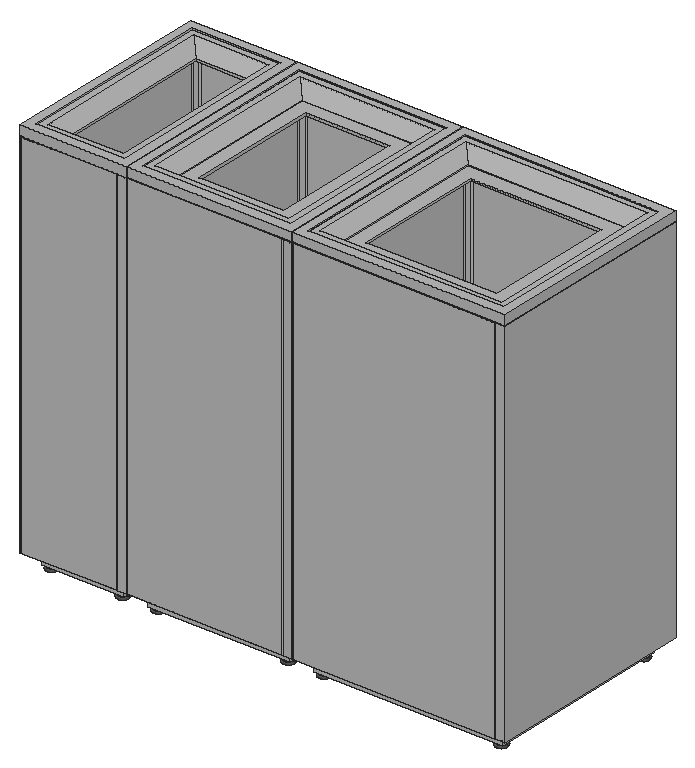
Revit family "REVIT-MG-1063-Valuta-", category Furniture, Revit 2016 (continued)
Definition of nested family "Magnuson-Valuta_1809L"
  Dimensions and locks (in)
    aligned and locked: plane 7 to Sweep 4 sketch curve
    aligned and locked: Sweep 4 sketch curve to plane 4
    aligned and locked: plane 3 "Center (Left/Right)" to nested 1
    aligned and locked: plane 15 to Revolve 5 sketch curve
    aligned and locked: Revolve 5 sketch curve to plane 15
    aligned and locked: Revolve 8 sketch curve to plane 16
    aligned and locked: plane 16 to Revolve 8 sketch curve
    aligned and locked: plane 15 to Revolve 11 sketch curve
    aligned and locked: Revolve 11 sketch curve to plane 15
    aligned and locked: Revolve 12 sketch curve to plane 16
    aligned and locked: plane 16 to Revolve 12 sketch curve
    aligned and locked: curve 1 to Sweep 4
    aligned and locked: curve 2 to Sweep 4
    aligned and locked: curve 3 to Sweep 4
    aligned and locked: curve 4 to Sweep 4
    aligned and locked: curve 5 to Sweep 4
    aligned and locked: curve 6 to Sweep 4
    aligned and locked: curve 7 to Sweep 4
    aligned and locked: curve 8 to Sweep 4
    aligned and locked: curve 9 to Sweep 4
    aligned and locked: curve 10 to Sweep 4
    aligned and locked: curve 11 to Sweep 4
    aligned and locked: curve 12 to Sweep 4
    aligned and locked: curve 13 to Sweep 4
    aligned and locked: curve 14 to Sweep 4
    aligned and locked: curve 15 to Sweep 4
    aligned and locked: curve 16 to Sweep 4
    aligned and locked: curve 17 to Sweep 4
    aligned and locked: curve 18 to Sweep 4
    aligned and locked: plane 15 to curve 19
    aligned and locked: plane 13 to curve 19
    aligned and locked: plane 16 to curve 20
    aligned and locked: plane 13 to curve 20
    aligned and locked: plane 14 to curve 21
    aligned and locked: plane 15 to curve 21
    aligned and locked: plane 16 to curve 22
    aligned and locked: plane 14 to curve 22
    aligned and locked: plane 17 to Sweep 4 sketch curve
    aligned and locked: Extrusion 1 to plane 17
    aligned and locked: Sweep 2 sketch curve to plane 10
    aligned and locked: plane 3 "Center (Left/Right)" to nested 2
    aligned and locked: plane 8 to nested 2
    aligned and locked: plane 5 to nested 2
    aligned and locked: plane 3 "Center (Left/Right)" to Extrusion 14 sketch curve
    aligned and locked: Extrusion 14 to plane 8
    aligned and locked: curve 31 to Extrusion 14
    aligned and locked: curve 32 to Extrusion 14
    aligned and locked: curve 33 to Extrusion 1
    aligned and locked: curve 34 to Extrusion 1
  Automatic sketch dimensions
    Extrusion 1 sketch curve to plane 4 = 0"
    plane 5 to Extrusion 1 sketch curve = 0"
    Extrusion 1 sketch curve to plane 6 = 0.035"
    Extrusion 1 sketch curve to Extrusion 1 sketch curve = 0.04443"
    Extrusion 1 sketch curve to Extrusion 1 sketch curve = 0.02452"
    Sweep 2 sketch curve to plane 15 = 1/2"
    Sweep 2 sketch curve to plane 16 = 1/2"
    plane 14 to Sweep 2 sketch curve = 1/2"
    plane 13 to Sweep 2 sketch curve = 1/2"
    profile plane to Sweep 2 sketch curve = 1"
    Revolve 5 sketch curve to level = 0"
    level to Revolve 5 sketch curve = 0.08"
    plane 9 to Revolve 5 sketch curve = 0.275"
    Revolve 5 sketch curve to Revolve 5 sketch curve = 0.81571"
    plane 11 to Revolve 5 sketch curve = 0.99907"
    Revolve 8 sketch curve to level = 0"
    level to Revolve 8 sketch curve = 0.08"
    plane 9 to Revolve 8 sketch curve = 0.275"
    Revolve 8 sketch curve to Revolve 8 sketch curve = 0.81571"
    plane 11 to Revolve 8 sketch curve = 0.99907"
    Revolve 11 sketch curve to level = 0"
    Revolve 11 sketch curve to Revolve 11 sketch curve = 0.08"
    Revolve 11 sketch curve to plane 9 = 0.275"
    level to Revolve 11 sketch curve = 0.81571"
    Revolve 11 sketch curve to plane 11 = 0.99907"
    Revolve 12 sketch curve to level = 0"
    Revolve 12 sketch curve to Revolve 12 sketch curve = 0.08"
    Revolve 12 sketch curve to plane 9 = 0.275"
    level to Revolve 12 sketch curve = 0.81571"
    Revolve 12 sketch curve to plane 11 = 0.99907"
    profile plane to Sweep 4 sketch curve = 0"
    Sweep 4 sketch curve to profile plane = 3/4"
    Sweep 4 sketch curve to Sweep 4 sketch curve = 0.55862"
    Sweep 4 sketch curve to Sweep 4 sketch curve = 0.40965"
    Sweep 4 sketch curve to Sweep 4 sketch curve = 0.39209"
    Sweep 4 sketch curve to Sweep 4 sketch curve = 0.09326"
    Sweep 4 sketch curve to Sweep 4 sketch curve = 0.09065"
    Sweep 4 sketch curve to profile plane = 1/16"
    Sweep 4 sketch curve to Sweep 4 sketch curve = 1/16"
    curve 9 to plane 14 = 0.56544"
    curve 12 to curve 12 = 0.29638"
    radius of Extrusion 14 sketch curve = 1/4"
    radius of curve 19 = 0.50866"
    radius of curve 20 = 0.50866"
    radius of curve 21 = 0.50866"
    radius of curve 22 = 0.50866"
  Nested families (in)
    nested 1: "Laminate" at (0, 0, 0), Top Finish <- "Top Finish", Width <- "Width", Height <- "Height", Depth <- "Depth", Paper 45° <- "Paper 45°", Laminate <- "Laminate", Paper/Circle <- "Paper/Circle", Paper <- "Paper", Circle <- "Circle", Waste <- "Waste", Paper 45°/Circle <- "Paper/Circle 45°", Security <- "Security", Security 45° <- "Security 45°", type "Laminate"
      with Width Waste 15", Width Sec 45° 60", Width Sec 50", Width Paper 45° 40", Width Paper 30", Width Circle 0", Width 9", Waste no, W Wasted 11 1/16", Top Finish none, Security 45° no, Security no, Paper/Circle no, Paper 45°/Circle no, Paper 45° no, Paper no, P2 no, P1 no, Linea PC45° 20", Linea PC 30", Laminate yes, Height 33 3/4", Dist Waste 10", Dist Sec 45° 10", Dist Sec 10", Dist Paper 45° 10", Dist Paper 10", Dist Circle 30", Depth 18", D Wasted 11 1/16", Circle yes, C1 yes
    nested 2: "Sign Holder" at (0, 9, -6.69357), Support Finish <- "Support Finish", Sign Holder Acrylic <- "Sign Holder Acrylic", Sign Holder Magnetic <- "Sign Holder Magnetic", Acrylic Finish <- "Acrylic Finish", Magnetic Finish <- "Magnetic Finish", type "Sign Holder"
      with Support Finish none, Sign Holder Magnetic no, Sign Holder Acrylic no, Magnetic Finish none, Acrylic Finish none
  Definition of nested family "Laminate"
    Parameters (values of type "Laminate")
      Width Waste [instance] = if(Waste, 0", 15")  # 15"
      Width Sec 45° [instance] = if(Security 45°, 0", 60")  # 60"
      Width Sec [instance] = if(Security, 0", 50")  # 50"
      Width Paper 45° [instance] = if(or([Paper 45°/Circle], Paper 45°), 0", 40")  # 40"
      Width Paper [instance] = if(or([Paper/Circle], Paper), 0", 30")  # 30"
      Width Circle [instance] = if(or([Paper/Circle], [Paper 45°/Circle], Circle), 0", 25")  # 25"
      Width [instance] = 18"
      Waste [instance] = no
      W Wasted [instance] = if(and(Width = 14", Depth = 18"), 7 1/8", 11 1/16")  # 11 1/16"
      Top Finish [instance] = none
      Security 45° [instance] = no
      Security [instance] = no
      Paper 45°/Circle [instance] = no
      Paper 45° [instance] = no
      P2 [instance] = Paper  # no
      P1 [instance] = Paper 45°  # no
      Linea PC45° [instance] = if([Paper 45°/Circle], 0", 20")  # 20"
      Linea PC [instance] = if([Paper/Circle], 0", 30")  # 30"
      Laminate [instance] = no
      URL = ""
      Type Comments = ""
      Paper/Circle [instance] = no
      Paper [instance] = no
      Model = ""
      Manufacturer = ""
      Keynote = ""
      Height [instance] = 26 1/8"
      Dist Waste [instance] = if(Waste, 30", 10")  # 10"
      Dist Sec 45° [instance] = if(Security 45°, 30", 10")  # 10"
      Dist Sec [instance] = if(Security, 30", 10")  # 10"
      Dist Paper [instance] = if(or([Paper/Circle], Paper), 30", 10")  # 10"
      Dist Paper 45° [instance] = if(or([Paper 45°/Circle], Paper 45°), 30", 10")  # 10"
      Dist Circle [instance] = if(or([Paper/Circle], [Paper 45°/Circle], Circle), 30", 10")  # 10"
      Description = ""
      Depth [instance] = 18"
      D Wasted [instance] = if(and(Width = 14", Depth = 18"), 11 1/4", 11 1/16")  # 11 1/16"
      Cost = 0  # constant formula
      Circle [instance] = no
      C1 [instance] = and(Circle)  # no
      Assembly Code = ""
    Reference planes (in)
      plane 1 "Center (Front/Back)": y = 0
      plane 2: z = 0
      plane 3 "Center (Left/Right)": x = 0
      plane 4: y = -9
      plane 5: y = 9
      plane 6: x = -9
      plane 7: x = 9
      plane 8: z = 26.125
      plane 9: z = 3
      plane 10: x = 40
      plane 11: x = 30
      plane 12: x = 25
      plane 13: x = 15
      plane 14: x = -20
      plane 15: x = -30
      plane 16: x = 50
      plane 17: x = 60
    Forms (in)
      Extrusion 1, solid, material <- "Top Finish", visible <- "Laminate"
        sketch origin (0, 0, 0) x (1, 0, 0) y (0, 1, 0)
          loop
            line (-6.79638, 6.79638) -> (-6.79638, -6.79638) -> (6.79638, -6.79638) -> (6.79638, 6.79638) -> (-6.79638, 6.79638)
        from 24.76772 to 24.96772
      Extrusion 2, void
        sketch origin (0, 0, 0) x (1, 0, 0) y (0, 1, 0)
          loop
            circle (25, 0) r 2.125
        from 3 to 13
      Extrusion 3, void
        sketch origin (-27, 0, 0) x (1, 0, 0) y (0, 1, 0)
          loop
            line (61.67368, 3.91211) -> (70.91211, -5.32632) -> (72.52427, -5.52427) -> (72.32632, -3.91211) -> (63.08789, 5.32632) -> (61.47573, 5.52427) -> (61.67368, 3.91211)
        from 3 to 13
      Extrusion 4, void
        sketch origin (35, 0, 0) x (1, 0, 0) y (0, 1, 0)
          loop
            line (-6, 5.5) -> (-6, -5.5) -> (-4, -5.5) -> (-4, 5.5) -> (-6, 5.5)
        from 3 to 13
      Extrusion 5, void
        sketch origin (26, 0, 0) x (1, 0, 0) y (0, 1, 0)
          loop
            line (-16.53125, 5.53125) -> (-16.53125, -5.53125) -> (-5.46875, -5.53125) -> (-5.46875, 5.53125) -> (-16.53125, 5.53125)
        from 3 to 13
      Extrusion 6, void
        sketch origin (0, 0, 0) x (1, 0, 0) y (0, 1, 0)
          loop
            line (49.75, 5.5) -> (49.75, -5.5) -> (50.25, -5.5) -> (50.25, 5.5) -> (49.75, 5.5)
        from 3 to 13
      Extrusion 7, void
        sketch origin (0, 0, 0) x (1, 0, 0) y (0, 1, 0)
          loop
            line (54.86697, 4.77658) -> (64.7663, -5.12275) -> (65.13305, -5.13374) -> (65.12207, -4.76699) -> (55.22342, 5.13303) -> (54.86697, 5.13303) -> (54.86697, 4.77658)
        from 3 to 13
    Cuts and joins
      Extrusion 2, Extrusion 3, Extrusion 4, Extrusion 5, Extrusion 6, Extrusion 7 cuts Extrusion 1
    Lines and regions (in)
      symbolic lines, visible <- "Laminate"
        curve 1: line (6.79638, 6.79638, 0) -> (-6.79638, 6.79638, 0)
        curve 2: line (-6.79638, 6.79638, 0) -> (-6.79638, -6.79638, 0)
        curve 3: line (-6.79638, -6.79638, 0) -> (6.79638, -6.79638, 0)
        curve 4: line (6.79638, -6.79638, 0) -> (6.79638, 6.79638, 0)
      symbolic lines, visible <- "Paper 45°/Circle"
        curve 5: line (-25.52427, 5.52427, 0) -> (-25.32632, 3.91211, 0)
        curve 6: line (-25.32632, 3.91211, 0) -> (-22.03293, 0.61872, 0)
        curve 7: line (-23.91211, 5.32632, 0) -> (-25.52427, 5.52427, 0)
        curve 8: line (-14.67368, -3.91211, 0) -> (-17.96707, -0.61872, 0)
        curve 9: arc (-22.03293, 0.61872, 0) -> (-21.5026, -1.5026, 0) -> (-19.38128, -2.03293, 0) r 2.125
        curve 10: arc (-17.96707, -0.61872, 0) -> (-18.4974, 1.5026, 0) -> (-20.61872, 2.03293, 0) r 2.125
        curve 11: line (-16.08789, -5.32632, 0) -> (-14.47573, -5.52427, 0)
        curve 12: line (-14.47573, -5.52427, 0) -> (-14.67368, -3.91211, 0)
        curve 13: line (-19.38128, -2.03293, 0) -> (-16.08789, -5.32632, 0)
        curve 14: line (-20.61872, 2.03293, 0) -> (-23.91211, 5.32632, 0)
      symbolic lines, visible <- "Paper/Circle"
        curve 15: line (-31, 1.875, 0) -> (-31, 5.5, 0)
        curve 16: line (-31, 5.5, 0) -> (-29, 5.5, 0)
        curve 17: line (-29, 5.5, 0) -> (-29, 1.875, 0)
        curve 18: line (-29, -1.875, 0) -> (-29, -5.5, 0)
        curve 19: line (-29, -5.5, 0) -> (-31, -5.5, 0)
        curve 20: line (-31, -5.5, 0) -> (-31, -1.875, 0)
        curve 21: arc (-29, 1.875, 0) -> (-27.875, 0, 0) -> (-29, -1.875, 0) r 2.125
        curve 22: arc (-31, 1.875, 0) -> (-32.125, 0, 0) -> (-31, -1.875, 0) r 2.125
      symbolic lines, visible <- "C1"
        curve 23: arc (27.125, 0, 0) -> (25, 2.125, 0) -> (22.875, 0, 0) r 2.125
        curve 24: arc (22.875, 0, 0) -> (25, -2.125, 0) -> (27.125, 0, 0) r 2.125
      symbolic lines, visible <- "P2"
        curve 25: line (29, 5.5, 0) -> (29, -5.5, 0)
        curve 26: line (31, -5.5, 0) -> (31, 5.5, 0)
        curve 27: line (31, 5.5, 0) -> (29, 5.5, 0)
        curve 28: line (29, -5.5, 0) -> (31, -5.5, 0)
      symbolic lines, visible <- "P1"
        curve 29: line (34.67368, 3.91211, 0) -> (43.91211, -5.32632, 0)
        curve 30: line (43.91211, -5.32632, 0) -> (45.52427, -5.52427, 0)
        curve 31: line (45.52427, -5.52427, 0) -> (45.32632, -3.91211, 0)
        curve 32: line (45.32632, -3.91211, 0) -> (36.08789, 5.32632, 0)
        curve 33: line (36.08789, 5.32632, 0) -> (34.47573, 5.52427, 0)
        curve 34: line (34.47573, 5.52427, 0) -> (34.67368, 3.91211, 0)
      symbolic lines, visible <- "Waste"
        curve 35: line (20.53125, 5.53125, 0) -> (9.46875, 5.53125, 0)
        curve 36: line (9.46875, 5.53125, 0) -> (9.46875, -5.53125, 0)
        curve 37: line (20.53125, -5.53125, 0) -> (20.53125, 5.53125, 0)
        curve 38: line (9.46875, -5.53125, 0) -> (20.53125, -5.53125, 0)
      symbolic lines, visible <- "Security"
        curve 39: line (49.75, 5.5, 0) -> (49.75, -5.5, 0)
        curve 40: line (50.25, 5.5, 0) -> (49.75, 5.5, 0)
        curve 41: line (50.25, -5.5, 0) -> (50.25, 5.5, 0)
        curve 42: line (49.75, -5.5, 0) -> (50.25, -5.5, 0)
      symbolic lines, visible <- "Security 45°"
        curve 43: line (54.86697, 4.77658, 0) -> (64.7663, -5.12275, 0)
        curve 44: line (64.7663, -5.12275, 0) -> (65.13305, -5.13374, 0)
        curve 45: line (65.13305, -5.13374, 0) -> (65.12207, -4.76699, 0)
        curve 46: line (65.12207, -4.76699, 0) -> (55.22342, 5.13303, 0)
        curve 47: line (54.86697, 5.13303, 0) -> (54.86697, 4.77658, 0)
        curve 48: line (55.22342, 5.13303, 0) -> (54.86697, 5.13303, 0)
    Dimensions and locks (in)
      equal spacing: plane 5, plane 1 "Center (Front/Back)", plane 4
      "Depth": plane 5 to plane 4
      equal spacing: plane 6, plane 3 "Center (Left/Right)", plane 7
      "Width": plane 6 to plane 7
      "Height": plane 8 to plane 2
      plane 8 to Extrusion 1 to Extrusion 1 = 1.15728" locked, 0.2" locked
      locked: Extrusion 1 sketch curve to plane 5 at 2.20362
      locked: Extrusion 1 sketch curve to plane 7 at 2.20362
      locked: plane 6 to Extrusion 1 sketch curve at 2.20362
      locked: Extrusion 1 sketch curve to plane 4 at 2.20362
      plane 9 to level = 3"
      "Dist Circle": Extrusion 2 to plane 9
      "Dist Paper 45°": Extrusion 3 to plane 9
      "Dist Paper": Extrusion 4 to plane 9
      "Dist Waste": Extrusion 5 to plane 9
      Extrusion 3 sketch curve to Extrusion 3 sketch curve to Extrusion 3 sketch curve to plane 10 to Extrusion 3 sketch curve to Extrusion 3 sketch curve to Extrusion 3 sketch curve = 0.19795" locked, 1.41421" locked, 3.91211" locked, 3.91211" locked, 1.41421" locked, 0.19795" locked
      equal spacing: Extrusion 4 sketch curve, plane 1 "Center (Front/Back)", Extrusion 4 sketch curve, locked at 5.5 each
      equal spacing: Extrusion 4 sketch curve, plane 11, Extrusion 4 sketch curve, locked at 1 each
      "Width Paper": plane 3 "Center (Left/Right)" to plane 11
      "Width Circle": plane 3 "Center (Left/Right)" to plane 12
      equal spacing: Extrusion 5 sketch curve, plane 13, Extrusion 5 sketch curve
      "W Wasted": Extrusion 5 sketch curve to Extrusion 5 sketch curve
      equal spacing: Extrusion 5 sketch curve, plane 1 "Center (Front/Back)", Extrusion 5 sketch curve
      "D Wasted": Extrusion 5 sketch curve to Extrusion 5 sketch curve
      "Width Waste": plane 3 "Center (Left/Right)" to plane 13
      "Width Paper 45°": plane 3 "Center (Left/Right)" to plane 10
      curve 7 to curve 6 to curve 14 to curve 9 to curve 14 to plane 14 = 0.19795" locked, 1.41421" locked, 1.87918" locked, 1.41421" locked, 0.61872" locked
      plane 14 to curve 13 to curve 10 to curve 13 to curve 12 to curve 12 = 0.61872" locked, 1.41421" locked, 1.87918" locked, 1.41421" locked, 0.19795" locked
      "Linea PC45°": plane 14 to plane 3 "Center (Left/Right)"
      "Linea PC": plane 15 to plane 3 "Center (Left/Right)"
      equal spacing: curve 15, plane 15, curve 17
      equal spacing: curve 20, plane 15, curve 18
      equal spacing: Extrusion 6 sketch curve, plane 16, Extrusion 6 sketch curve, locked at 0.25 each
      Extrusion 6 sketch curve to plane 1 "Center (Front/Back)" to Extrusion 6 sketch curve = 5 1/2" locked, 5 1/2" locked
      "Dist Sec": Extrusion 6 to plane 9
      "Width Sec": plane 3 "Center (Left/Right)" to plane 16
      Extrusion 7 sketch curve to Extrusion 7 sketch curve to Extrusion 7 sketch curve to plane 17 to Extrusion 7 sketch curve to Extrusion 7 sketch curve to Extrusion 7 sketch curve = 0.01098" locked, 0.35576" locked, 4.7663" locked, 4.77658" locked, 0.35645" locked, 0" locked
      Extrusion 7 sketch curve to Extrusion 7 sketch curve to Extrusion 7 sketch curve to plane 1 "Center (Front/Back)" to Extrusion 7 sketch curve to Extrusion 7 sketch curve to Extrusion 7 sketch curve = 0.01098" locked, 0.35576" locked, 4.76699" locked, 4.77658" locked, 0.35645" locked, 0" locked
      "Dist Sec 45°": Extrusion 7 to plane 9
      "Width Sec 45°": plane 3 "Center (Left/Right)" to plane 17
      aligned and locked: level to plane 2
      aligned and locked: Extrusion 2 to plane 9
      aligned and locked: Extrusion 3 to plane 9
      aligned and locked: Extrusion 4 to plane 9
      aligned and locked: Extrusion 5 to plane 9
      aligned and locked: plane 12 to Extrusion 2 sketch curve
      aligned and locked: plane 1 "Center (Front/Back)" to Extrusion 2 sketch curve
      aligned and locked: curve 1 to cut or joined group of Extrusion 1, Extrusion 2, Extrusion 3, Extrusion 4, Extrusion 5, Extrusion 6, Extrusion 7
      aligned and locked: curve 2 to cut or joined group of Extrusion 1, Extrusion 2, Extrusion 3, Extrusion 4, Extrusion 5, Extrusion 6, Extrusion 7
      aligned and locked: curve 3 to cut or joined group of Extrusion 1, Extrusion 2, Extrusion 3, Extrusion 4, Extrusion 5, Extrusion 6, Extrusion 7
      aligned and locked: curve 4 to cut or joined group of Extrusion 1, Extrusion 2, Extrusion 3, Extrusion 4, Extrusion 5, Extrusion 6, Extrusion 7
      aligned and locked: plane 14 to curve 10
      aligned and locked: plane 1 "Center (Front/Back)" to curve 10
      aligned and locked: plane 14 to curve 9
      aligned and locked: plane 1 "Center (Front/Back)" to curve 9
      aligned and locked: plane 15 to curve 21
      aligned and locked: plane 1 "Center (Front/Back)" to curve 21
      aligned and locked: plane 15 to curve 22
      aligned and locked: plane 1 "Center (Front/Back)" to curve 22
      aligned and locked: curve 23 to Extrusion 2
      aligned and locked: curve 24 to Extrusion 2
      aligned and locked: curve 25 to Extrusion 4
      aligned and locked: curve 26 to Extrusion 4
      aligned and locked: curve 29 to Extrusion 3
      aligned and locked: curve 30 to Extrusion 3
      aligned and locked: curve 31 to Extrusion 3
      aligned and locked: curve 32 to Extrusion 3
      aligned and locked: curve 33 to Extrusion 3
      aligned and locked: curve 34 to Extrusion 3
      aligned and locked: curve 35 to Extrusion 5
      aligned and locked: curve 36 to Extrusion 5
      aligned and locked: curve 37 to Extrusion 5
      aligned and locked: curve 38 to Extrusion 5
      aligned and locked: curve 27 to Extrusion 4
      aligned and locked: curve 28 to Extrusion 4
      aligned and locked: Extrusion 6 to plane 9
      aligned and locked: curve 39 to Extrusion 6
      aligned and locked: curve 40 to Extrusion 6
      aligned and locked: curve 41 to Extrusion 6
      aligned and locked: curve 42 to Extrusion 6
      aligned and locked: Extrusion 7 to plane 9
      aligned and locked: curve 43 to Extrusion 7
      aligned and locked: curve 44 to Extrusion 7
      aligned and locked: curve 45 to Extrusion 7
      aligned and locked: curve 46 to Extrusion 7
      aligned and locked: curve 47 to Extrusion 7
      aligned and locked: curve 48 to Extrusion 7
    Automatic sketch dimensions
      plane 4 to Extrusion 3 sketch curve = 3.47573"
      Extrusion 3 sketch curve to Extrusion 3 sketch curve = 0.19795"  (x2)
      Extrusion 3 sketch curve to Extrusion 3 sketch curve = 1.61216"
      Extrusion 3 sketch curve to plane 1 "Center (Front/Back)" = 3.91211"
      Extrusion 3 sketch curve to Extrusion 3 sketch curve = 1.41421"
      plane 4 to Extrusion 4 sketch curve = 3 1/2"
      plane 11 to Extrusion 4 sketch curve = 1"
      plane 4 to curve 19 = 3 1/2"
      plane 4 to curve 12 = 3.47573"
      curve 11 to curve 11 = 0.19795"
      curve 11 to curve 8 = 1.61216"
      plane 1 "Center (Front/Back)" to curve 13 = 2.03293"
      plane 1 "Center (Front/Back)" to curve 18 = 1 7/8"
      plane 1 "Center (Front/Back)" to curve 20 = 1 7/8"
      plane 1 "Center (Front/Back)" to curve 8 = 0.61872"
      curve 6 to plane 1 "Center (Front/Back)" = 3.91211"
      curve 5 to curve 7 = 1.41421"
      curve 5 to curve 7 = 1.61216"
      plane 5 to curve 16 = 3 1/2"
      plane 15 to curve 15 = 1"
      plane 15 to curve 19 = 1"
      Extrusion 6 sketch curve to plane 16 = 1/4"
      radius of Extrusion 2 sketch curve = 2 1/8"
  Definition of nested family "Sign Holder"
    Parameters (values of type "Sign Holder")
      Support Finish [instance] = none
      Sign Holder Magnetic [instance] = yes
      Sign Holder Acrylic [instance] = yes
      Magnetic Finish [instance] = none
      Acrylic Finish [instance] = none
    Reference planes (in)
      plane 1 "Center (Front/Back)": y = 0
      plane 2: z = 0
      plane 3 "Center (Left/Right)": x = 0
      plane 4: x = -4.34375
      plane 5: x = 4.34375
      plane 6: y = 3.01425
      plane 7: z = 40.44357
      plane 8: z = 30.38104
      plane 9: z = 51.63018
    Forms (in)
      Extrusion 1, solid, material <- "Support Finish", visible <- "Sign Holder Acrylic"
        sketch origin (0, 0, 0) x (0, 1, 0) y (0, 0, 1)
          loop
            line (0, 30.38104) -> (0.11434, 30.38104) -> (0.11434, 40.41393) -> (3.01425, 51.60054) -> (2.8999, 51.63018) -> (0, 40.44357) -> (0, 30.38104)
        from -4.34375 to 4.34375
      Extrusion 2, solid, material <- "Acrylic Finish", visible <- "Sign Holder Acrylic"
        sketch origin (0, 0, 0) x (0, 1, 0) y (0, 0, 1)
          loop
            line (-0.07089, 40.484) -> (0.00535, 40.46423) -> (2.89111, 51.59628) -> (2.81487, 51.61604) -> (-0.07089, 40.484)
        from -4.31158 to 4.30579
      Extrusion 3, solid, material <- "Support Finish", visible <- "Sign Holder Magnetic"
        sketch origin (0, 0, 0) x (0, 1, 0) y (0, 0, 1)
          loop
            line (0, 30.38104) -> (0.11434, 30.38104) -> (0.11434, 40.41393) -> (3.01425, 51.60054) -> (2.8999, 51.63018) -> (0, 40.44357) -> (0, 30.38104)
        from -4.34375 to 4.34375
      Extrusion 4, solid, material <- "Magnetic Finish", visible <- "Sign Holder Magnetic"
        sketch origin (0, 0, 0) x (0, 1, 0) y (0, 0, 1)
          loop
            line (-0.02562, 40.47226) -> (0.00535, 40.46423) -> (2.89111, 51.59628) -> (2.86014, 51.60431) -> (-0.02562, 40.47226)
        from -4.31158 to 4.30579
    Lines and regions (in)
      symbolic lines, visible <- "Sign Holder Acrylic"
        curve 1: line (-4.31158, -0.07089, 0) -> (4.30579, -0.07089, 0)
        curve 2: line (-4.31158, 2.89111, 0) -> (-4.31158, -0.07089, 0)
        curve 3: line (4.30579, 2.89111, 0) -> (-4.31158, 2.89111, 0)
        curve 4: line (4.30579, -0.07089, 0) -> (4.30579, 2.89111, 0)
        curve 5: line (4.30579, 2.81487, 0) -> (-4.31158, 2.81487, 0)
        curve 6: line (-4.34375, 3.01425, 0) -> (4.34375, 3.01425, 0)
        curve 7: line (4.34375, 3.01425, 0) -> (4.34375, 0, 0)
        curve 8: line (4.34375, 0, 0) -> (4.30579, 0, 0)
        curve 9: line (-4.34375, 0, 0) -> (-4.34375, 3.01425, 0)
        curve 10: line (-4.34375, 0, 0) -> (-4.31158, 0, 0)
        curve 11: line (-4.34375, 2.8999, 0) -> (4.34375, 2.8999, 0)
      symbolic lines, visible <- "Sign Holder Magnetic"
        curve 12: line (-4.34375, 3.01425, 0) -> (4.34375, 3.01425, 0)
        curve 13: line (4.34375, 3.01425, 0) -> (4.34375, 0, 0)
        curve 14: line (4.34375, 0, 0) -> (4.30579, 0, 0)
        curve 15: line (-4.34375, 0, 0) -> (-4.34375, 3.01425, 0)
        curve 16: line (-4.34375, 0, 0) -> (-4.31158, 0, 0)
        curve 17: line (-4.34375, 2.8999, 0) -> (4.34375, 2.8999, 0)
        curve 18: line (4.30579, 2.86014, 0) -> (-4.31158, 2.86014, 0)
        curve 19: line (-4.31158, 2.89111, 0) -> (4.30579, 2.89111, 0)
        curve 20: line (-4.31158, 2.89111, 0) -> (-4.31158, -0.02562, 0)
        curve 21: line (4.30579, -0.02562, 0) -> (4.30579, 2.89111, 0)
        curve 22: line (-4.31158, -0.02562, 0) -> (4.30579, -0.02562, 0)
    Dimensions and locks (in)
      aligned and locked: plane 2 to level
      aligned and locked: Extrusion 1 to plane 4
      aligned and locked: Extrusion 1 to plane 5
      aligned and locked: curve 18 to Extrusion 4
      aligned and locked: curve 19 to Extrusion 4
      aligned and locked: curve 20 to Extrusion 4
      aligned and locked: curve 21 to Extrusion 4
      aligned and locked: curve 22 to Extrusion 4
Definition of nested family "Magnuson-Valuta_1818L"
  Parameters (values of type "VA1818L-Circle")
    Width = 18"
    Waste = no
    URL = "www.magnusongroup.com"
    Type Comments = "Valuta"  # constant formula
    Top Finish = none
    Top 2 = or(Security, Security 45°)  # no
    Top 1 = not(or(Security, Security 45°))  # yes
    Support Finish = none
    Sign Holder Magnetic [instance] = no
    Sign Holder Acrylic [instance] = no
    Security 45° = no
    Security = no
    Revit File Built By = "https://servex-us.com/servex-revit/"
    Paper/Circle 45° = no
    Paper/Circle = no
    Paper 45° = no
    Paper = no
    Model = "VA1818L-Circle"
    Manufacturer = "Magnuson Group"  # constant formula
    Magnetic Finish = none
    Lock Finish = none
    Laminate = yes
    Keynote = "12500"
    Height = 33 3/4"
    Glide Finish = none
    Dist Sec = if(or(Security, Security 45°), Width - 1", 1/32")  # 1/32"
    Description = "40 gallon body waste receptacle - circle opening - internal rigid liner."
    Depth = 18"
    Cost = 0  # constant formula
    Circle = yes
    Body Finish = none
    Base Finish = none
    Assembly Code = "E2020200"
    Acrylic Finish = none
  Types (5): name | Waste | Top 2 | Top 1 | Security 45° | Paper/Circle 45° | Paper 45° | Model | Dist Sec | Description | Circle
    VA1818L-Sec | no | yes | no | yes | no | no | "VA1818L-Sec" | 17" | "40 gallon body waste receptacle - internal rigid liner - locking top with 1/2\" wide opening." | no
    VA1818L-Circle | no | no | yes | no | no | no | "VA1818L-Circle" | 1/32" | "40 gallon body waste receptacle - circle opening - internal rigid liner." | yes
    VA1818L-Paper | no | no | yes | no | no | yes | "VA1818L-Paper" | 1/32" | "40 gallon body waste receptacle - paper opening - internal rigid liner." | no
    VA1818L-Paper-Circle | no | no | yes | no | yes | no | "VA1818L-Paper-Circle" | 1/32" | "40 gallon body waste receptacle - paper/circle opening - internal rigid liner." | no
    VA1818L-Waste | yes | no | yes | no | no | no | "VA1818L-Waste" | 1/32" | "40 gallon body waste receptacle - waste opening - internal rigid liner." | no
  Reference planes (in)
    plane 1 "Center (Front/Back)": y = 0
    plane 2: z = 0
    plane 3 "Center (Left/Right)": x = 0
    plane 4: y = -9
    plane 5: y = 9
    plane 6: x = -9
    plane 7: x = 9
    plane 8: z = 33.75
    plane 9: z = 0.3467
    plane 10: z = 1.3652
    plane 11: z = 1.4252
    plane 12: z = 19
    plane 13: y = 7.5
    plane 14: y = -7.5
    plane 15: x = -7.5
    plane 16: x = 7.5
    plane 17: z = 32.86
  Forms (in)
    Extrusion 1, solid, material <- "Body Finish"
      sketch origin (0, 0, 0) x (1, 0, 0) y (0, 1, 0)
        loop
          line (-9, 9) -> (-9, -9) -> (8.15548, -9) -> (8.22548, -8.93) -> (8.64, -8.93) -> (8.64, -8.895) -> (8.21099, -8.895) -> (8.14099, -8.965) -> (-8.965, -8.965) -> (-8.965, 8.965) -> (-8.25, 8.965) -> (-8.25, 9) -> (-9, 9)
        loop
          line (9, -9) -> (9, 9) -> (-8.13557, 9) -> (-8.20557, 8.93) -> (-8.64, 8.93) -> (-8.64, 8.895) -> (-8.19107, 8.895) -> (-8.12107, 8.965) -> (8.965, 8.965) -> (8.965, -8.965) -> (8.25, -8.965) -> (8.25, -9) -> (9, -9)
      from 1.3652 to 32.86
    Sweep 2, solid, material <- "Base Finish"
      path origin (0, 0, 0) x (1, 0, 0) y (0, 1, 0)
        loop
          line (-8, 8) -> (-8, -8) -> (8, -8) -> (8, 8) -> (-8, 8)
      profile origin (0, 8, 0) x (0, 1, 0) y (0, 0, 1)
        loop
          line (0, 0.3467) -> (0, 1.3652) -> (-1, 1.3652) -> (-1, 0.3467) -> (0, 0.3467)
    Extrusion 3, solid, material <- "Body Finish"
      sketch origin (0, 0, 0) x (1, 0, 0) y (0, 1, 0)
        loop
          line (-8.965, 8.965) -> (-8.965, -8.965) -> (8.965, -8.965) -> (8.965, 8.965) -> (-8.965, 8.965)
      from 1.3652 to 1.4252
    Sweep 4, solid, material <- "Top Finish"
      path origin (0, 0, 24.76772) x (1, 0, 0) y (0, 1, 0)
        loop
          line (-9, 9) -> (-9, -9) -> (9, -9) -> (9, 9) -> (-9, 9)
      profile origin (-9, 0, 24.76772) x (1, 0, 0) y (0, 0, 1)
        loop
          line (2.20362, 7.825) -> (1.30862, 8.89163) -> (0.75, 8.89163) -> (0.75, 8.98228) -> (0, 8.98228) -> (0, 8.15478) -> (0.0625, 8.09228) -> (1.71827, 8.09228) -> (2.11036, 7.625) -> (2.20362, 7.625) -> (2.20362, 7.825)
    Revolve 5, solid, material <- "Glide Finish"
      sketch origin (-7.5, 7.5, 47.24409) x (-1, 0, 0) y (0, 0, 1)
        loop
          line (0, -46.62239) -> (-0.09, -46.62239) -> (-0.09, -47.08409) -> (-0.42983, -47.08409)
          arc (-0.42983, -47.08409) -> (-0.50983, -47.16409) -> (-0.42983, -47.24409) r 0.08
          line (-0.42983, -47.24409) -> (0, -47.24409) -> (0, -46.62239)
        axis (0, -47.24409) -> (0, -46.62239)
      angle from 0 to 360
    Extrusion 6, solid, material <- "Glide Finish"
      sketch origin (-0.175, 0.175, 0) x (1, 0, 0) y (0, 1, 0)
        loop
          line (-7.70347, 7.325) -> (-7.51423, 6.99724) -> (-7.13577, 6.99724) -> (-6.94653, 7.325) -> (-7.13577, 7.65276) -> (-7.51423, 7.65276) -> (-7.70347, 7.325)
      from 0.16 to 0.32
    Extrusion 7, solid, material <- "Glide Finish"
      sketch origin (14.825, 0.175, 0) x (1, 0, 0) y (0, 1, 0)
        loop
          line (-7.70347, 7.325) -> (-7.51423, 6.99724) -> (-7.13577, 6.99724) -> (-6.94653, 7.325) -> (-7.13577, 7.65276) -> (-7.51423, 7.65276) -> (-7.70347, 7.325)
      from 0.16 to 0.32
    Revolve 8, solid, material <- "Glide Finish"
      sketch origin (7.5, 7.5, 47.24409) x (-1, 0, 0) y (0, 0, 1)
        loop
          line (0, -46.62239) -> (-0.09, -46.62239) -> (-0.09, -47.08409) -> (-0.42983, -47.08409)
          arc (-0.42983, -47.08409) -> (-0.50983, -47.16409) -> (-0.42983, -47.24409) r 0.08
          line (-0.42983, -47.24409) -> (0, -47.24409) -> (0, -46.62239)
        axis (0, -47.24409) -> (0, -46.62239)
      angle from 0 to 360
    Extrusion 9, solid, material <- "Glide Finish"
      sketch origin (-0.175, -14.825, 0) x (1, 0, 0) y (0, 1, 0)
        loop
          line (-7.70347, 7.325) -> (-7.51423, 6.99724) -> (-7.13577, 6.99724) -> (-6.94653, 7.325) -> (-7.13577, 7.65276) -> (-7.51423, 7.65276) -> (-7.70347, 7.325)
      from 0.16 to 0.32
    Extrusion 10, solid, material <- "Glide Finish"
      sketch origin (14.825, -14.825, 0) x (1, 0, 0) y (0, 1, 0)
        loop
          line (-7.70347, 7.325) -> (-7.51423, 6.99724) -> (-7.13577, 6.99724) -> (-6.94653, 7.325) -> (-7.13577, 7.65276) -> (-7.51423, 7.65276) -> (-7.70347, 7.325)
      from 0.16 to 0.32
    Revolve 11, solid, material <- "Glide Finish"
      sketch origin (-7.5, -7.5, 47.24409) x (-1, 0, 0) y (0, 0, 1)
        loop
          line (0, -46.62239) -> (-0.09, -46.62239) -> (-0.09, -47.08409) -> (-0.42983, -47.08409)
          arc (-0.42983, -47.08409) -> (-0.50983, -47.16409) -> (-0.42983, -47.24409) r 0.08
          line (-0.42983, -47.24409) -> (0, -47.24409) -> (0, -46.62239)
        axis (0, -47.24409) -> (0, -46.62239)
      angle from 0 to 360
    Revolve 12, solid, material <- "Glide Finish"
      sketch origin (-7.5, -7.5, 47.24409) x (-1, 0, 0) y (0, 0, 1)
        loop
          line (-15, -46.62239) -> (-15.09, -46.62239) -> (-15.09, -47.08409) -> (-15.42983, -47.08409)
          arc (-15.42983, -47.08409) -> (-15.50983, -47.16409) -> (-15.42983, -47.24409) r 0.08
          line (-15.42983, -47.24409) -> (-15, -47.24409) -> (-15, -46.62239)
        axis (-15, -47.24409) -> (-15, -46.62239)
      angle from 0 to 360
    Extrusion 13, solid, material <- "Top Finish"
      sketch origin (0, 0, 0) x (0, 1, 0) y (0, 0, 1)
        loop
          line (-6.5, 32.49272) -> (-6.5, 32.59272) -> (-6.93456, 33.65935) -> (-7.73357, 33.65935) -> (-7.73357, 32.49272) -> (-6.5, 32.49272)
      from -8.5 to -8.46875
    Extrusion 14, solid, material <- "Lock Finish", visible <- "Top 2"
      sketch origin (0, 0, 0) x (1, 0, 0) y (0, 1, 0)
        loop
          circle (0, -7.59228) r 0.25
      from 33.75 to 33.8125
  Cuts and joins
    joined: Sweep 4, Extrusion 13
  Lines and regions (in)
    symbolic lines
      curve 1: line (9, 9, 0) -> (-9, 9, 0)
      curve 2: line (-9, -9, 0) -> (9, -9, 0)
      curve 3: line (8.25, 8.25, 0) -> (8.25, -8.25, 0)
      curve 4: line (8.25, -8.25, 0) -> (-8.25, -8.25, 0)
      curve 5: line (-8.25, -8.25, 0) -> (-8.25, 8.25, 0)
      curve 6: line (7.69138, 7.69138, 0) -> (-7.69138, 7.69138, 0)
      curve 7: line (-8.25, 8.25, 0) -> (8.25, 8.25, 0)
      curve 8: line (-7.69138, 7.69138, 0) -> (-7.69138, -6.93456, 0)
      curve 11: line (-6.79638, 6.79638, 0) -> (6.79638, 6.79638, 0)
      curve 13: line (6.79638, 6.79638, 0) -> (6.79638, -6.5, 0)
      curve 17: line (-7.69138, 7.69138, 0) -> (-6.79638, 6.79638, 0)
      curve 18: line (7.69138, 7.69138, 0) -> (6.79638, 6.79638, 0)
      curve 24: line (7.69138, -6.93456, 0) -> (7.69138, 7.69138, 0)
      curve 25: line (-6.79638, -6.5, 0) -> (-6.79638, 6.79638, 0)
      curve 33: line (-9, 9, 0) -> (-9, -9, 0)
      curve 34: line (9, -9, 0) -> (9, 9, 0)
    symbolic lines, visible <- "Top 1"
      curve 9: line (7.69138, -7.69138, 0) -> (7.69138, -6.93456, 0)
      curve 10: line (-7.69138, -7.69138, 0) -> (7.69138, -7.69138, 0)
      curve 12: line (-6.79638, -6.79638, 0) -> (-6.79638, -6.5, 0)
      curve 14: line (6.79638, -6.79638, 0) -> (-6.79638, -6.79638, 0)
      curve 15: line (7.69138, -7.69138, 0) -> (6.79638, -6.79638, 0)
      curve 16: line (-6.79638, -6.79638, 0) -> (-7.69138, -7.69138, 0)
      curve 23: line (-7.69138, -6.93456, 0) -> (-7.69138, -7.69138, 0)
      curve 26: line (6.79638, -6.5, 0) -> (6.79638, -6.79638, 0)
    symbolic lines, detail levels fine
      curve 19: circle (-7.5, 7.5, 0) r 0.50866 normal (0, 0, 1)
      curve 20: circle (7.5, 7.5, 0) r 0.50866 normal (0, 0, -1)
      curve 21: circle (-7.5, -7.5, 0) r 0.50866 normal (0, 0, -1)
      curve 22: circle (7.5, -7.5, 0) r 0.50866 normal (0, 0, 1)
    symbolic lines, visible <- "Top 2"
      curve 27: line (-7.69138, -6.93456, 0) -> (7.69138, -6.93456, 0)
      curve 28: line (6.79638, -6.5, 0) -> (7.69138, -6.93456, 0)
      curve 29: line (6.79638, -6.5, 0) -> (-6.79638, -6.5, 0)
      curve 30: line (-6.79638, -6.5, 0) -> (-7.69138, -6.93456, 0)
      curve 31: arc (0.25, -7.59228, 0) -> (0, -7.34228, 0) -> (-0.25, -7.59228, 0) r 0.25
      curve 32: arc (-0.25, -7.59228, 0) -> (0, -7.84228, 0) -> (0.25, -7.59228, 0) r 0.25
  Dimensions and locks (in)
    equal spacing: plane 5, plane 1 "Center (Front/Back)", plane 4
    "Depth": plane 5 to plane 4
    equal spacing: plane 6, plane 3 "Center (Left/Right)", plane 7
    "Width": plane 6 to plane 7
    "Height": plane 8 to plane 2
    locked: plane 12 to level at 19
    plane 6 to Extrusion 1 sketch curve to Extrusion 1 sketch curve to Extrusion 1 sketch curve to Extrusion 1 sketch curve to Extrusion 1 sketch curve = 0.36" locked, 0.43443" locked, 0.0145" locked, 0.0555" locked, 0.0145" locked
    plane 5 to Extrusion 1 sketch curve to Extrusion 1 sketch curve to Extrusion 1 sketch curve = 0.035" locked, 0.035" locked, 0.035" locked
    locked: Extrusion 1 sketch curve to plane 5 at 0.035
    locked: Extrusion 1 sketch curve to plane 7 at 0.035
    plane 4 to Extrusion 1 sketch curve to Extrusion 1 sketch curve to Extrusion 1 sketch curve to Extrusion 1 sketch curve = 0.035" locked, 0" locked, 0.035" locked, 0.035" locked
    plane 7 to Extrusion 1 sketch curve to Extrusion 1 sketch curve to Extrusion 1 sketch curve to Extrusion 1 sketch curve to Extrusion 1 sketch curve = 0.36" locked, 0.41452" locked, 0.0145" locked, 0.0555" locked, 0.0145" locked
    locked: plane 6 to plane 15 at 1.5
    locked: plane 16 to plane 7 at 1.5
    locked: plane 5 to plane 13 at 1.5
    locked: plane 4 to plane 14 at 1.5
    plane 15 to Revolve 5 sketch curve to Revolve 5 sketch curve = 0.09" locked, 87/256" locked
    Extrusion 6 sketch curve to Extrusion 6 sketch curve to Extrusion 6 sketch curve to plane 15 to Extrusion 6 sketch curve to Extrusion 6 sketch curve to Extrusion 6 sketch curve = 0.18923" locked, 0" locked, 0.18923" locked, 0.18923" locked, 0" locked, 0.18923" locked
    Extrusion 6 sketch curve to Extrusion 6 sketch curve to Extrusion 6 sketch curve to plane 13 to Extrusion 6 sketch curve = 0.32776" locked, 0" locked, 0" locked, 0.32776" locked
    plane 16 to Revolve 8 sketch curve to Revolve 8 sketch curve = 0.09" locked, 87/256" locked
    Extrusion 9 sketch curve to Extrusion 9 sketch curve to Extrusion 9 sketch curve to plane 15 to Extrusion 9 sketch curve to Extrusion 9 sketch curve to Extrusion 9 sketch curve = 0.18923" locked, 0" locked, 0.18923" locked, 0.18923" locked, 0" locked, 0.18923" locked
    Extrusion 9 sketch curve to Extrusion 9 sketch curve to Extrusion 9 sketch curve to plane 14 to Extrusion 9 sketch curve = 0.32776" locked, 0" locked, 0" locked, 0.32776" locked
    Extrusion 7 sketch curve to Extrusion 7 sketch curve to Extrusion 7 sketch curve to plane 13 to Extrusion 7 sketch curve = 0.32776" locked, 0" locked, 0" locked, 0.32776" locked
    Extrusion 7 sketch curve to Extrusion 7 sketch curve to Extrusion 7 sketch curve to plane 16 to Extrusion 7 sketch curve to Extrusion 7 sketch curve to Extrusion 7 sketch curve = 0.18923" locked, 0" locked, 0.18923" locked, 0.18923" locked, 0" locked, 0.18923" locked
    Extrusion 10 sketch curve to Extrusion 10 sketch curve to Extrusion 10 sketch curve to plane 14 to Extrusion 10 sketch curve = 0.32776" locked, 0" locked, 0" locked, 0.32776" locked
    Extrusion 10 sketch curve to Extrusion 10 sketch curve to Extrusion 10 sketch curve to plane 16 to Extrusion 10 sketch curve to Extrusion 10 sketch curve to Extrusion 10 sketch curve = 0.18923" locked, 0" locked, 0.18923" locked, 0.18923" locked, 0" locked, 0.18923" locked
    plane 15 to Revolve 11 sketch curve to Revolve 11 sketch curve = 0.09" locked, 87/256" locked
    plane 16 to Revolve 12 sketch curve to Revolve 12 sketch curve = 0.09" locked, 87/256" locked
    plane 8 to Sweep 4 sketch curve to Sweep 4 sketch curve to Sweep 4 sketch curve = 0.09065" locked, 1.06663" locked, 0.2" locked
    plane 11 to plane 10 to plane 9 to level = 0.06" locked, 1.0185" locked, 0.3467" locked
    locked: plane 8 to plane 17 at 0.89
    Extrusion 13 sketch curve to Extrusion 13 sketch curve to plane 14 to Extrusion 13 sketch curve = 0.43456" locked, 0.56544" locked, 0.23357" locked
    Extrusion 13 sketch curve to Extrusion 13 sketch curve to Extrusion 13 sketch curve to plane 8 = 0.1" locked, 1.06663" locked, 0.09065" locked
    locked: plane 6 to Extrusion 13 at 0.5
    "Dist Sec": Extrusion 13 to Extrusion 13
    locked: Extrusion 14 to plane 8 at 0.0625
    locked: Extrusion 14 sketch curve to plane 14 at 0.09228
    aligned and locked: level to plane 2
    aligned and locked: plane 5 to Extrusion 1 sketch curve
    aligned and locked: Extrusion 1 sketch curve to plane 6
    aligned and locked: plane 4 to Extrusion 1 sketch curve
    aligned and locked: Extrusion 1 sketch curve to plane 7
    aligned and locked: Extrusion 1 to plane 10
    aligned and locked: profile plane to Sweep 2 sketch curve
    aligned and locked: Extrusion 3 sketch curve to Extrusion 1  (x4)
    aligned and locked: Extrusion 3 to plane 10
    aligned and locked: plane 11 to Extrusion 3
    aligned and locked: Sweep 2 sketch curve to plane 9
    aligned and locked: Sweep 4 sketch curve to plane 5
    aligned and locked: plane 6 to Sweep 4 sketch curve
    aligned and locked: plane 7 to Sweep 4 sketch curve
    aligned and locked: Sweep 4 sketch curve to plane 4
    aligned and locked: plane 3 "Center (Left/Right)" to nested 1
    aligned and locked: plane 15 to Revolve 5 sketch curve
    aligned and locked: Revolve 5 sketch curve to plane 15
    aligned and locked: Revolve 8 sketch curve to plane 16
    aligned and locked: plane 16 to Revolve 8 sketch curve
    aligned and locked: plane 15 to Revolve 11 sketch curve
    aligned and locked: Revolve 11 sketch curve to plane 15
    aligned and locked: Revolve 12 sketch curve to plane 16
    aligned and locked: plane 16 to Revolve 12 sketch curve
    aligned and locked: curve 1 to Sweep 4
    aligned and locked: curve 2 to Sweep 4
    aligned and locked: curve 3 to Sweep 4
    aligned and locked: curve 4 to Sweep 4
    aligned and locked: curve 5 to Sweep 4
    aligned and locked: curve 6 to Sweep 4
    aligned and locked: curve 7 to Sweep 4
    aligned and locked: curve 8 to Sweep 4
    aligned and locked: curve 9 to Sweep 4
    aligned and locked: curve 10 to Sweep 4
    aligned and locked: curve 11 to Sweep 4
    aligned and locked: curve 12 to Sweep 4
    aligned and locked: curve 13 to Sweep 4
    aligned and locked: curve 14 to Sweep 4
    aligned and locked: curve 15 to Sweep 4
    aligned and locked: curve 16 to Sweep 4
    aligned and locked: curve 17 to Sweep 4
    aligned and locked: curve 18 to Sweep 4
    aligned and locked: plane 15 to curve 19
    aligned and locked: plane 13 to curve 19
    aligned and locked: plane 16 to curve 20
    aligned and locked: plane 13 to curve 20
    aligned and locked: plane 14 to curve 21
    aligned and locked: plane 15 to curve 21
    aligned and locked: plane 16 to curve 22
    aligned and locked: plane 14 to curve 22
    aligned and locked: plane 17 to Sweep 4 sketch curve
    aligned and locked: Extrusion 1 to plane 17
    aligned and locked: Sweep 2 sketch curve to plane 10
    aligned and locked: plane 3 "Center (Left/Right)" to nested 2
    aligned and locked: plane 8 to nested 2
    aligned and locked: plane 5 to nested 2
    aligned and locked: plane 3 "Center (Left/Right)" to Extrusion 14 sketch curve
    aligned and locked: Extrusion 14 to plane 8
    aligned and locked: curve 31 to Extrusion 14
    aligned and locked: curve 32 to Extrusion 14
    aligned and locked: curve 33 to Extrusion 1
    aligned and locked: curve 34 to Extrusion 1
  Automatic sketch dimensions
    Extrusion 1 sketch curve to plane 4 = 0"
    plane 5 to Extrusion 1 sketch curve = 0"
    Extrusion 1 sketch curve to plane 6 = 0.035"
    Extrusion 1 sketch curve to Extrusion 1 sketch curve = 0.04443"
    Extrusion 1 sketch curve to Extrusion 1 sketch curve = 0.02452"
    Sweep 2 sketch curve to plane 15 = 1/2"
    Sweep 2 sketch curve to plane 16 = 1/2"
    plane 14 to Sweep 2 sketch curve = 1/2"
    plane 13 to Sweep 2 sketch curve = 1/2"
    profile plane to Sweep 2 sketch curve = 1"
    Revolve 5 sketch curve to level = 0"
    level to Revolve 5 sketch curve = 0.08"
    plane 9 to Revolve 5 sketch curve = 0.275"
    Revolve 5 sketch curve to Revolve 5 sketch curve = 0.81571"
    plane 11 to Revolve 5 sketch curve = 0.99907"
    Revolve 8 sketch curve to level = 0"
    level to Revolve 8 sketch curve = 0.08"
    plane 9 to Revolve 8 sketch curve = 0.275"
    Revolve 8 sketch curve to Revolve 8 sketch curve = 0.81571"
    plane 11 to Revolve 8 sketch curve = 0.99907"
    Revolve 11 sketch curve to level = 0"
    Revolve 11 sketch curve to Revolve 11 sketch curve = 0.08"
    Revolve 11 sketch curve to plane 9 = 0.275"
    level to Revolve 11 sketch curve = 0.81571"
    Revolve 11 sketch curve to plane 11 = 0.99907"
    Revolve 12 sketch curve to level = 0"
    Revolve 12 sketch curve to Revolve 12 sketch curve = 0.08"
    Revolve 12 sketch curve to plane 9 = 0.275"
    level to Revolve 12 sketch curve = 0.81571"
    Revolve 12 sketch curve to plane 11 = 0.99907"
    profile plane to Sweep 4 sketch curve = 0"
    Sweep 4 sketch curve to profile plane = 3/4"
    Sweep 4 sketch curve to Sweep 4 sketch curve = 0.55862"
    Sweep 4 sketch curve to Sweep 4 sketch curve = 0.40965"
    Sweep 4 sketch curve to Sweep 4 sketch curve = 0.39209"
    Sweep 4 sketch curve to Sweep 4 sketch curve = 0.09326"
    Sweep 4 sketch curve to Sweep 4 sketch curve = 0.09065"
    Sweep 4 sketch curve to profile plane = 1/16"
    Sweep 4 sketch curve to Sweep 4 sketch curve = 1/16"
    curve 9 to plane 14 = 0.56544"
    curve 12 to curve 12 = 0.29638"
    radius of Extrusion 14 sketch curve = 1/4"
    radius of curve 19 = 0.50866"
    radius of curve 20 = 0.50866"
    radius of curve 21 = 0.50866"
    radius of curve 22 = 0.50866"
  Nested families (in)
    nested 1: "Laminate" at (0, 0, 0), Top Finish <- "Top Finish", Width <- "Width", Height <- "Height", Depth <- "Depth", Paper 45° <- "Paper 45°", Laminate <- "Laminate", Paper/Circle <- "Paper/Circle", Paper <- "Paper", Circle <- "Circle", Waste <- "Waste", Paper 45°/Circle <- "Paper/Circle 45°", Security <- "Security", Security 45° <- "Security 45°", type "Laminate"
      with Width Waste 15", Width Sec 45° 60", Width Sec 50", Width Paper 45° 40", Width Paper 30", Width Circle 0", Width 18", Waste no, W Wasted 11 1/16", Top Finish none, Security 45° no, Security no, Paper/Circle no, Paper 45°/Circle no, Paper 45° no, Paper no, P2 no, P1 no, Linea PC45° 20", Linea PC 30", Laminate yes, Height 33 3/4", Dist Waste 10", Dist Sec 45° 10", Dist Sec 10", Dist Paper 45° 10", Dist Paper 10", Dist Circle 30", Depth 18", D Wasted 11 1/16", Circle yes, C1 yes
    nested 2: "Sign Holder" at (0, 9, -6.69357), Support Finish <- "Support Finish", Sign Holder Acrylic <- "Sign Holder Acrylic", Sign Holder Magnetic <- "Sign Holder Magnetic", Acrylic Finish <- "Acrylic Finish", Magnetic Finish <- "Magnetic Finish", type "Sign Holder"
      with Support Finish none, Sign Holder Magnetic no, Sign Holder Acrylic no, Magnetic Finish none, Acrylic Finish none
  Definition of nested family "Laminate"
    Parameters (values of type "Laminate")
      Width Waste [instance] = if(Waste, 0", 15")  # 15"
      Width Sec 45° [instance] = if(Security 45°, 0", 60")  # 60"
      Width Sec [instance] = if(Security, 0", 50")  # 50"
      Width Paper 45° [instance] = if(or([Paper 45°/Circle], Paper 45°), 0", 40")  # 40"
      Width Paper [instance] = if(or([Paper/Circle], Paper), 0", 30")  # 30"
      Width Circle [instance] = if(or([Paper/Circle], [Paper 45°/Circle], Circle), 0", 25")  # 25"
      Width [instance] = 18"
      Waste [instance] = no
      W Wasted [instance] = if(and(Width = 14", Depth = 18"), 7 1/8", 11 1/16")  # 11 1/16"
      Top Finish [instance] = none
      Security 45° [instance] = no
      Security [instance] = no
      Paper 45°/Circle [instance] = no
      Paper 45° [instance] = no
      P2 [instance] = Paper  # no
      P1 [instance] = Paper 45°  # no
      Linea PC45° [instance] = if([Paper 45°/Circle], 0", 20")  # 20"
      Linea PC [instance] = if([Paper/Circle], 0", 30")  # 30"
      Laminate [instance] = no
      URL = ""
      Type Comments = ""
      Paper/Circle [instance] = no
      Paper [instance] = no
      Model = ""
      Manufacturer = ""
      Keynote = ""
      Height [instance] = 26 1/8"
      Dist Waste [instance] = if(Waste, 30", 10")  # 10"
      Dist Sec 45° [instance] = if(Security 45°, 30", 10")  # 10"
      Dist Sec [instance] = if(Security, 30", 10")  # 10"
      Dist Paper [instance] = if(or([Paper/Circle], Paper), 30", 10")  # 10"
      Dist Paper 45° [instance] = if(or([Paper 45°/Circle], Paper 45°), 30", 10")  # 10"
      Dist Circle [instance] = if(or([Paper/Circle], [Paper 45°/Circle], Circle), 30", 10")  # 10"
      Description = ""
      Depth [instance] = 18"
      D Wasted [instance] = if(and(Width = 14", Depth = 18"), 11 1/4", 11 1/16")  # 11 1/16"
      Cost = 0  # constant formula
      Circle [instance] = no
      C1 [instance] = and(Circle)  # no
      Assembly Code = ""
    Reference planes (in)
      plane 1 "Center (Front/Back)": y = 0
      plane 2: z = 0
      plane 3 "Center (Left/Right)": x = 0
      plane 4: y = -9
      plane 5: y = 9
      plane 6: x = -9
      plane 7: x = 9
      plane 8: z = 26.125
      plane 9: z = 3
      plane 10: x = 40
      plane 11: x = 30
      plane 12: x = 25
      plane 13: x = 15
      plane 14: x = -20
      plane 15: x = -30
      plane 16: x = 50
      plane 17: x = 60
    Forms (in)
      Extrusion 1, solid, material <- "Top Finish", visible <- "Laminate"
        sketch origin (0, 0, 0) x (1, 0, 0) y (0, 1, 0)
          loop
            line (-6.79638, 6.79638) -> (-6.79638, -6.79638) -> (6.79638, -6.79638) -> (6.79638, 6.79638) -> (-6.79638, 6.79638)
        from 24.76772 to 24.96772
      Extrusion 2, void
        sketch origin (0, 0, 0) x (1, 0, 0) y (0, 1, 0)
          loop
            circle (25, 0) r 2.125
        from 3 to 13
      Extrusion 3, void
        sketch origin (-27, 0, 0) x (1, 0, 0) y (0, 1, 0)
          loop
            line (61.67368, 3.91211) -> (70.91211, -5.32632) -> (72.52427, -5.52427) -> (72.32632, -3.91211) -> (63.08789, 5.32632) -> (61.47573, 5.52427) -> (61.67368, 3.91211)
        from 3 to 13
      Extrusion 4, void
        sketch origin (35, 0, 0) x (1, 0, 0) y (0, 1, 0)
          loop
            line (-6, 5.5) -> (-6, -5.5) -> (-4, -5.5) -> (-4, 5.5) -> (-6, 5.5)
        from 3 to 13
      Extrusion 5, void
        sketch origin (26, 0, 0) x (1, 0, 0) y (0, 1, 0)
          loop
            line (-16.53125, 5.53125) -> (-16.53125, -5.53125) -> (-5.46875, -5.53125) -> (-5.46875, 5.53125) -> (-16.53125, 5.53125)
        from 3 to 13
      Extrusion 6, void
        sketch origin (0, 0, 0) x (1, 0, 0) y (0, 1, 0)
          loop
            line (49.75, 5.5) -> (49.75, -5.5) -> (50.25, -5.5) -> (50.25, 5.5) -> (49.75, 5.5)
        from 3 to 13
      Extrusion 7, void
        sketch origin (0, 0, 0) x (1, 0, 0) y (0, 1, 0)
          loop
            line (54.86697, 4.77658) -> (64.7663, -5.12275) -> (65.13305, -5.13374) -> (65.12207, -4.76699) -> (55.22342, 5.13303) -> (54.86697, 5.13303) -> (54.86697, 4.77658)
        from 3 to 13
    Cuts and joins
      Extrusion 2, Extrusion 3, Extrusion 4, Extrusion 5, Extrusion 6, Extrusion 7 cuts Extrusion 1
    Lines and regions (in)
      symbolic lines, visible <- "Laminate"
        curve 1: line (6.79638, 6.79638, 0) -> (-6.79638, 6.79638, 0)
        curve 2: line (-6.79638, 6.79638, 0) -> (-6.79638, -6.79638, 0)
        curve 3: line (-6.79638, -6.79638, 0) -> (6.79638, -6.79638, 0)
        curve 4: line (6.79638, -6.79638, 0) -> (6.79638, 6.79638, 0)
      symbolic lines, visible <- "Paper 45°/Circle"
        curve 5: line (-25.52427, 5.52427, 0) -> (-25.32632, 3.91211, 0)
        curve 6: line (-25.32632, 3.91211, 0) -> (-22.03293, 0.61872, 0)
        curve 7: line (-23.91211, 5.32632, 0) -> (-25.52427, 5.52427, 0)
        curve 8: line (-14.67368, -3.91211, 0) -> (-17.96707, -0.61872, 0)
        curve 9: arc (-22.03293, 0.61872, 0) -> (-21.5026, -1.5026, 0) -> (-19.38128, -2.03293, 0) r 2.125
        curve 10: arc (-17.96707, -0.61872, 0) -> (-18.4974, 1.5026, 0) -> (-20.61872, 2.03293, 0) r 2.125
        curve 11: line (-16.08789, -5.32632, 0) -> (-14.47573, -5.52427, 0)
        curve 12: line (-14.47573, -5.52427, 0) -> (-14.67368, -3.91211, 0)
        curve 13: line (-19.38128, -2.03293, 0) -> (-16.08789, -5.32632, 0)
        curve 14: line (-20.61872, 2.03293, 0) -> (-23.91211, 5.32632, 0)
      symbolic lines, visible <- "Paper/Circle"
        curve 15: line (-31, 1.875, 0) -> (-31, 5.5, 0)
        curve 16: line (-31, 5.5, 0) -> (-29, 5.5, 0)
        curve 17: line (-29, 5.5, 0) -> (-29, 1.875, 0)
        curve 18: line (-29, -1.875, 0) -> (-29, -5.5, 0)
        curve 19: line (-29, -5.5, 0) -> (-31, -5.5, 0)
        curve 20: line (-31, -5.5, 0) -> (-31, -1.875, 0)
        curve 21: arc (-29, 1.875, 0) -> (-27.875, 0, 0) -> (-29, -1.875, 0) r 2.125
        curve 22: arc (-31, 1.875, 0) -> (-32.125, 0, 0) -> (-31, -1.875, 0) r 2.125
      symbolic lines, visible <- "C1"
        curve 23: arc (27.125, 0, 0) -> (25, 2.125, 0) -> (22.875, 0, 0) r 2.125
        curve 24: arc (22.875, 0, 0) -> (25, -2.125, 0) -> (27.125, 0, 0) r 2.125
      symbolic lines, visible <- "P2"
        curve 25: line (29, 5.5, 0) -> (29, -5.5, 0)
        curve 26: line (31, -5.5, 0) -> (31, 5.5, 0)
        curve 27: line (31, 5.5, 0) -> (29, 5.5, 0)
        curve 28: line (29, -5.5, 0) -> (31, -5.5, 0)
      symbolic lines, visible <- "P1"
        curve 29: line (34.67368, 3.91211, 0) -> (43.91211, -5.32632, 0)
        curve 30: line (43.91211, -5.32632, 0) -> (45.52427, -5.52427, 0)
        curve 31: line (45.52427, -5.52427, 0) -> (45.32632, -3.91211, 0)
        curve 32: line (45.32632, -3.91211, 0) -> (36.08789, 5.32632, 0)
        curve 33: line (36.08789, 5.32632, 0) -> (34.47573, 5.52427, 0)
        curve 34: line (34.47573, 5.52427, 0) -> (34.67368, 3.91211, 0)
      symbolic lines, visible <- "Waste"
        curve 35: line (20.53125, 5.53125, 0) -> (9.46875, 5.53125, 0)
        curve 36: line (9.46875, 5.53125, 0) -> (9.46875, -5.53125, 0)
        curve 37: line (20.53125, -5.53125, 0) -> (20.53125, 5.53125, 0)
        curve 38: line (9.46875, -5.53125, 0) -> (20.53125, -5.53125, 0)
      symbolic lines, visible <- "Security"
        curve 39: line (49.75, 5.5, 0) -> (49.75, -5.5, 0)
        curve 40: line (50.25, 5.5, 0) -> (49.75, 5.5, 0)
        curve 41: line (50.25, -5.5, 0) -> (50.25, 5.5, 0)
        curve 42: line (49.75, -5.5, 0) -> (50.25, -5.5, 0)
      symbolic lines, visible <- "Security 45°"
        curve 43: line (54.86697, 4.77658, 0) -> (64.7663, -5.12275, 0)
        curve 44: line (64.7663, -5.12275, 0) -> (65.13305, -5.13374, 0)
        curve 45: line (65.13305, -5.13374, 0) -> (65.12207, -4.76699, 0)
        curve 46: line (65.12207, -4.76699, 0) -> (55.22342, 5.13303, 0)
        curve 47: line (54.86697, 5.13303, 0) -> (54.86697, 4.77658, 0)
        curve 48: line (55.22342, 5.13303, 0) -> (54.86697, 5.13303, 0)
    Dimensions and locks (in)
      equal spacing: plane 5, plane 1 "Center (Front/Back)", plane 4
      "Depth": plane 5 to plane 4
      equal spacing: plane 6, plane 3 "Center (Left/Right)", plane 7
      "Width": plane 6 to plane 7
      "Height": plane 8 to plane 2
      plane 8 to Extrusion 1 to Extrusion 1 = 1.15728" locked, 0.2" locked
      locked: Extrusion 1 sketch curve to plane 5 at 2.20362
      locked: Extrusion 1 sketch curve to plane 7 at 2.20362
      locked: plane 6 to Extrusion 1 sketch curve at 2.20362
      locked: Extrusion 1 sketch curve to plane 4 at 2.20362
      plane 9 to level = 3"
      "Dist Circle": Extrusion 2 to plane 9
      "Dist Paper 45°": Extrusion 3 to plane 9
      "Dist Paper": Extrusion 4 to plane 9
      "Dist Waste": Extrusion 5 to plane 9
      Extrusion 3 sketch curve to Extrusion 3 sketch curve to Extrusion 3 sketch curve to plane 10 to Extrusion 3 sketch curve to Extrusion 3 sketch curve to Extrusion 3 sketch curve = 0.19795" locked, 1.41421" locked, 3.91211" locked, 3.91211" locked, 1.41421" locked, 0.19795" locked
      equal spacing: Extrusion 4 sketch curve, plane 1 "Center (Front/Back)", Extrusion 4 sketch curve, locked at 5.5 each
      equal spacing: Extrusion 4 sketch curve, plane 11, Extrusion 4 sketch curve, locked at 1 each
      "Width Paper": plane 3 "Center (Left/Right)" to plane 11
      "Width Circle": plane 3 "Center (Left/Right)" to plane 12
      equal spacing: Extrusion 5 sketch curve, plane 13, Extrusion 5 sketch curve
      "W Wasted": Extrusion 5 sketch curve to Extrusion 5 sketch curve
      equal spacing: Extrusion 5 sketch curve, plane 1 "Center (Front/Back)", Extrusion 5 sketch curve
      "D Wasted": Extrusion 5 sketch curve to Extrusion 5 sketch curve
      "Width Waste": plane 3 "Center (Left/Right)" to plane 13
      "Width Paper 45°": plane 3 "Center (Left/Right)" to plane 10
      curve 7 to curve 6 to curve 14 to curve 9 to curve 14 to plane 14 = 0.19795" locked, 1.41421" locked, 1.87918" locked, 1.41421" locked, 0.61872" locked
      plane 14 to curve 13 to curve 10 to curve 13 to curve 12 to curve 12 = 0.61872" locked, 1.41421" locked, 1.87918" locked, 1.41421" locked, 0.19795" locked
      "Linea PC45°": plane 14 to plane 3 "Center (Left/Right)"
      "Linea PC": plane 15 to plane 3 "Center (Left/Right)"
      equal spacing: curve 15, plane 15, curve 17
      equal spacing: curve 20, plane 15, curve 18
      equal spacing: Extrusion 6 sketch curve, plane 16, Extrusion 6 sketch curve, locked at 0.25 each
      Extrusion 6 sketch curve to plane 1 "Center (Front/Back)" to Extrusion 6 sketch curve = 5 1/2" locked, 5 1/2" locked
      "Dist Sec": Extrusion 6 to plane 9
      "Width Sec": plane 3 "Center (Left/Right)" to plane 16
      Extrusion 7 sketch curve to Extrusion 7 sketch curve to Extrusion 7 sketch curve to plane 17 to Extrusion 7 sketch curve to Extrusion 7 sketch curve to Extrusion 7 sketch curve = 0.01098" locked, 0.35576" locked, 4.7663" locked, 4.77658" locked, 0.35645" locked, 0" locked
